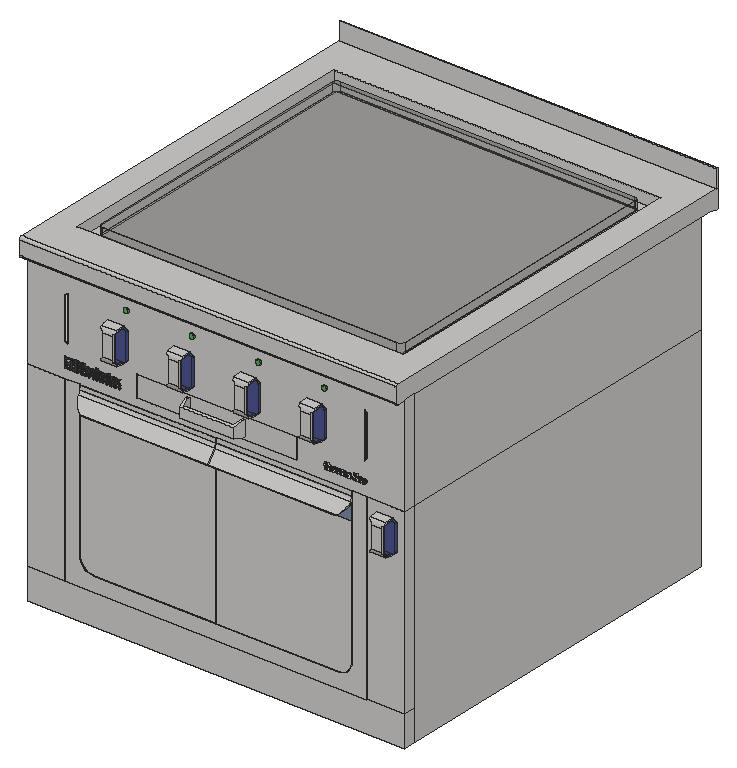
Revit family "QF_ELECTROLUXPROFESSIONAL_588706_MBLTGBH4AO", category Attrezzature speciali, Revit 2020
Family settings
  Quota connettore circolare = Usa diametro
  Tipo di parte = Normale
  Basato su piano di lavoro = No
  Sempre verticale = Sì
  Taglio con vuoti quando caricato = No
  Condiviso = No
  Punto di calcolo locali = No
Parameters (values of type "Standard")
  Weight = 149.00 kg
  Watts = 14300 W
  Volts = 400 V
  URL Manufacturer = "https://www.electroluxprofessional.com/"
  URL = "https://www.electroluxprofessional.com/"
  Steam Supply Size = 0"
  Steam Supply Minimum Pressure = 0.00 psi
  Steam Supply Maximum Pressure = 0.00 psi
  Steam Consumption per Hour = 0
  Refrigeration Suction Line Size = 0 mm
  Refrigeration Liquid Line Size = 0 mm
  Refrigerant Compressor Remote = yes
  Prospetto di default = 0 mm
  Phase = 3
  Modello = "MBLTGBH4AO"
  Produttore = "Electrolux Professional"
  Length Actual = 800 mm  # constant formula
  Item Number = "588706"
  Hot Water Size = 0"
  Height Actual = 700 mm  # constant formula
  HP = "19.2 HP"
  Gas Size = 0"
  Gas KW = 0
  Gas Input Pressure = 0.0 Btu/h
  Direct Waste Size = 0"
  Descrizione = "EL.SOLID TOP,WARM.C.NHC,1S,BS,800X850X7"
  Depth Actual = 850 mm  # constant formula
  Cycle = 50 Hz
  Condensate Return Size = 0"
  Compressed Air Volume = 0 GPM
  Compressed Air Size = 0"
  Compressed Air Pressure = 0.00 psi
  Cold Water Size = 0"
  Accessory = yes
Reference planes
  plane 1 "BACK": y = 50
  plane 2: z = 0
  plane 3 "LEFT": x = 0
  plane 4 "RIGHT": x = 800
  plane 5 "FRONT": y = -800
  plane 6 "TOP": z = 900
  plane 7 "Center (Left/Right)": x = 400
  plane 8: y = -375
  plane 9: z = 200
  plane 10: y = -150
  plane 11 "Panel": y = -755
  plane 12: z = 798
  plane 13: z = 1327
  plane 14: x = 78
  plane 15: x = 722
  plane 16: y = -100
  plane 17: y = -600
  plane 18 "EIx": x = 755
  plane 19 "EIy": y = -585
Forms (mm)
  Extrusion 1, solid, material "QF_Finishes_Stainless Steel"
    sketch origin (-178.969, -4572, 200) x (-1, 0, 0) y (0, -1, 0)
      loop
        line (-178.969, -4577) -> (-178.969, -3817) -> (-978.969, -3817) -> (-978.969, -4577) -> (-178.969, -4577)
    from 450 to 662.969
  Extrusion 2, solid, material "QF_Finishes_Stainless Steel"
    sketch origin (0, 0, 0) x (0, 1, 0) y (0, 0, 1)
      loop
        line (-755, 200) -> (-755, 265) -> (-780, 265) -> (-780, 200) -> (-755, 200)
    from 0 to 800
  Extrusion 3, solid, material "QF_Finishes_Stainless Steel"
    sketch origin (-588.969, -4562, 200) x (-1, 0, 0) y (0, -1, 0)
      loop
        circle (-1343.969, -3977) r 6.35
    from 0 to -11.851
  Extrusion 4, solid, material "QF_Finishes_Stainless Steel"
    sketch origin (400, 296.4, 1219.2) x (0, 1, 0) y (0, 0, 1)
      loop
        line (-246.4, -319.2) -> (-1091.4, -319.2)
        arc (-1091.4, -319.2) -> (-1094.935, -320.664) -> (-1096.4, -324.2) r 5
        line (-1096.4, -324.2) -> (-1096.4, -355.2)
        arc (-1096.4, -355.2) -> (-1094.971, -358.264) -> (-1091.705, -359.139) r 4
        line (-1091.705, -359.139) -> (-1076.4, -356.231) -> (-266.4, -356.231) -> (-251.094, -359.139)
        arc (-251.094, -359.139) -> (-247.829, -358.264) -> (-246.4, -355.2) r 4
        line (-246.4, -355.2) -> (-246.4, -319.2)
    from -400 to 400
  Extrusion 5, solid, material "QF_Finishes_Electrolux_Black Smoke Iluminated"
    sketch origin (0, 0, 900) x (-1, 0, 0) y (0, -1, 0)
      loop
        arc (-88, 59) -> (-80.929, 61.929) -> (-78, 69) r 10
        line (-78, 69) -> (-78, 680)
        arc (-78, 680) -> (-80.929, 687.071) -> (-88, 690) r 10
        line (-88, 690) -> (-712, 690)
        arc (-712, 690) -> (-719.071, 687.071) -> (-722, 680) r 10
        line (-722, 680) -> (-722, 69)
        arc (-722, 69) -> (-719.071, 61.929) -> (-712, 59) r 10
        line (-712, 59) -> (-88, 59)
    from 0 to -20
  Extrusion 6, solid, material "QF_Finishes_Stainless Steel"
    sketch origin (-178.969, -4572, 200) x (-1, 0, 0) y (0, -1, 0)
      loop
        line (-178.969, -4577) -> (-178.969, -3817) -> (-978.969, -3817) -> (-978.969, -4577) -> (-178.969, -4577)
    from 450 to 0
  Extrusion 7, void
    sketch origin (0, 0, 900) x (-1, 0, 0) y (0, -1, 0)
      loop
        line (-53, 715) -> (-747, 715) -> (-747, 34) -> (-53, 34) -> (-53, 715)
    from 0 to -25
  Extrusion 8, solid, material "QF_Finishes_Stainless Steel"
    sketch origin (0, 0, 900) x (-1, 0, 0) y (0, -1, 0)
      loop
        line (-82, 63) -> (-82, 686) -> (-718, 686) -> (-718, 63) -> (-82, 63)
    from -20 to -25
  Extrusion 9, solid, material "QF_Finishes_Stainless Steel"
    sketch origin (400, 297.4, 1219.2) x (0, 1, 0) y (0, 0, 1)
      loop
        line (-249.4, -319.2) -> (-247.4, -319.2) -> (-247.4, -281.2) -> (-249.4, -281.2) -> (-249.4, -319.2)
    from -400 to 400
  Extrusion 10, solid, material "QF_Finishes_Stainless Steel"
    sketch origin (0, 0, 150) x (0, 1, 0) y (0, 0, 1)
      loop
        line (-755, 50) -> (-755, 115) -> (-780, 115) -> (-780, 50) -> (-755, 50)
    from 0 to 800
  Extrusion 11, solid, material "QF_Finishes_Stainless Steel"
    sketch origin (7, -800, 0) x (1, 0, 0) y (0, 0, 1)
      loop
        line (103, 327) -> (103, 650) -> (73, 650) -> (73, 265) -> (713, 265) -> (713, 650) -> (683, 650) -> (683, 327)
        arc (683, 327) -> (673.627, 304.373) -> (651, 295) r 32
        line (651, 295) -> (135, 295)
        arc (135, 295) -> (112.373, 304.373) -> (103, 327) r 32
    from -45 to -20
  Extrusion 12, solid, material "QF_Finishes_Stainless Steel"
    sketch origin (0, -800, 0) x (1, 0, 0) y (0, 0, 1)
      loop
        line (80, 650) -> (0, 650) -> (0, 265) -> (80, 265) -> (80, 650)
      loop
        line (719.787, 650) -> (719.787, 265) -> (800, 265) -> (800, 650) -> (719.787, 650)
    from -20 to -45
Cuts and joins
  Extrusion 7 cuts Extrusion 4
Lines and regions (mm)
  symbolic lines
    curve 1: line (0, 50, 200) -> (800, 50, 200)
    curve 2: line (0, -800, 200) -> (0, 50, 200)
    curve 3: line (800, -800, 200) -> (0, -800, 200)
    curve 4: line (800, 50, 200) -> (800, -800, 200)
    curve 5: line (712, -59, 200) -> (88, -59, 200)
    curve 6: line (78, -69, 200) -> (78, -680, 200)
    curve 7: line (88, -690, 200) -> (712, -690, 200)
    curve 8: line (722, -680, 200) -> (722, -69, 200)
    curve 9: arc (88, -59, 200) -> (80.929, -61.929, 200) -> (78, -69, 200) r 10
    curve 10: arc (722, -69, 200) -> (719.071, -61.929, 200) -> (712, -59, 200) r 10
    curve 11: arc (712, -690, 200) -> (719.071, -687.071, 200) -> (722, -680, 200) r 10
    curve 12: arc (78, -680, 200) -> (80.929, -687.071, 200) -> (88, -690, 200) r 10
    curve 13: line (747, -34, 900) -> (53, -34, 900)
    curve 14: line (53, -34, 900) -> (53, -715, 900)
    curve 15: line (747, -715, 900) -> (747, -34, 900)
    curve 16: line (53, -715, 900) -> (747, -715, 900)
    curve 33: line (0, 48, 0) -> (800, 48, 0)
  model lines, style "SpecialityEquipment"
    curve 17: arc (584, -161, 900) -> (530.967, -289.033, 900) -> (659, -236, 900) r 75
    curve 18: line (639, -236, 900) -> (679, -236, 900)
    curve 19: line (679, -236, 900) -> (659, -216, 900)
    curve 20: line (639, -236, 900) -> (659, -216, 900)
    curve 21: arc (216, -161, 900) -> (162.967, -289.033, 900) -> (291, -236, 900) r 75
    curve 22: line (271, -236, 900) -> (311, -236, 900)
    curve 23: line (311, -236, 900) -> (291, -216, 900)
    curve 24: line (271, -236, 900) -> (291, -216, 900)
    curve 25: arc (584, -489, 900) -> (530.967, -617.033, 900) -> (659, -564, 900) r 75
    curve 26: line (639, -564, 900) -> (679, -564, 900)
    curve 27: line (679, -564, 900) -> (659, -544, 900)
    curve 28: line (639, -564, 900) -> (659, -544, 900)
    curve 29: arc (216, -489, 900) -> (162.967, -617.033, 900) -> (291, -564, 900) r 75
    curve 30: line (271, -564, 900) -> (311, -564, 900)
    curve 31: line (311, -564, 900) -> (291, -544, 900)
    curve 32: line (271, -564, 900) -> (291, -544, 900)
Dimensions and locks
  plane 3 "LEFT" to plane 4 "RIGHT" = 800 mm
  plane 5 "FRONT" to plane 1 "BACK" = 850 mm
  equal spacing: plane 3 "LEFT", plane 7 "Center (Left/Right)", plane 4 "RIGHT"
  equal spacing: plane 5 "FRONT", plane 8, plane 1 "BACK"
  plane 6 "TOP" to level = 900 mm  (x2)
  plane 9 to level = 200 mm
  plane 1 "BACK" to plane 10 to plane 11 "Panel" = 200 mm, 605 mm  (x2)
  plane 6 "TOP" to plane 9 to level = 700 mm, 200 mm
  plane 1 "BACK" to plane 5 "FRONT" = 850 mm
  plane 1 "BACK" to Extrusion 3 = 635 mm
  plane 12 to plane 9 = 598 mm
  plane 13 to plane 6 "TOP" = 427 mm
  plane 6 "TOP" to plane 12 = 102 mm
  plane 14 to plane 3 "LEFT" = 78 mm
  plane 15 to plane 4 "RIGHT" = 78 mm
  locked: plane 1 "BACK" to plane 16 at 150
  locked: plane 16 to plane 17 at 500
  plane 11 "Panel" to plane 5 "FRONT" = 45 mm
  plane 18 "EIx" to plane 4 "RIGHT" = 45 mm
  plane 19 "EIy" to plane 1 "BACK" = 635 mm
  aligned and locked: level to plane 2
  aligned and locked: Extrusion 2 to plane 4 "RIGHT"
  aligned and locked: Extrusion 11 to Extrusion 6
  aligned and locked: Extrusion 12 to Extrusion 6
Automatic sketch dimensions
  Extrusion 3 sketch curve to plane 18 "EIx" = 0 mm
  Extrusion 3 sketch curve to plane 19 "EIy" = 0 mm
  Extrusion 4 sketch curve to plane 5 "FRONT" = 0 mm
  Extrusion 4 sketch curve to plane 6 "TOP" = 0 mm
  Extrusion 4 sketch curve to plane 1 "BACK" = 0 mm
  Extrusion 4 sketch curve to plane 5 "FRONT" = 4 mm
  Extrusion 4 sketch curve to Extrusion 4 sketch curve = 0.695 mm
  Extrusion 4 sketch curve to plane 5 "FRONT" = 5 mm
  Extrusion 4 sketch curve to Extrusion 4 sketch curve = 15.305 mm
  plane 1 "BACK" to Extrusion 4 sketch curve = 20 mm
  plane 1 "BACK" to Extrusion 4 sketch curve = 4.695 mm
  Extrusion 4 sketch curve to Extrusion 4 sketch curve = 4 mm
  Extrusion 4 sketch curve to Extrusion 4 sketch curve = 31 mm
  Extrusion 4 sketch curve to plane 6 "TOP" = 36 mm
  Extrusion 4 sketch curve to Extrusion 4 sketch curve = 2.909 mm
  Extrusion 5 sketch curve to plane 15 = 0 mm
  Extrusion 5 sketch curve to plane 14 = 0 mm
  plane 15 to Extrusion 5 sketch curve = 10 mm  (x2)
  Extrusion 5 sketch curve to Extrusion 5 sketch curve = 10 mm  (x2)
  plane 10 to Extrusion 5 sketch curve = 91 mm
  plane 17 to Extrusion 5 sketch curve = 80 mm
  plane 18 "EIx" to Extrusion 7 sketch curve = 8 mm
  plane 14 to Extrusion 7 sketch curve = 25 mm
  plane 10 to Extrusion 7 sketch curve = 116 mm
  plane 11 "Panel" to Extrusion 7 sketch curve = 40 mm
  Extrusion 8 sketch curve to plane 14 = 4 mm
  plane 15 to Extrusion 8 sketch curve = 4 mm
  plane 17 to Extrusion 8 sketch curve = 86 mm
  plane 10 to Extrusion 8 sketch curve = 87 mm
  curve 20 to curve 17 = 55 mm
  curve 26 to curve 25 = 55 mm
  curve 19 to curve 18 = 20 mm
  curve 26 to curve 27 = 20 mm
  curve 18 to curve 19 = 20 mm
  plane 18 "EIx" to curve 13 = 8 mm
  curve 31 to plane 7 "Center (Left/Right)" = 89 mm
  curve 23 to plane 7 "Center (Left/Right)" = 89 mm
  curve 22 to curve 24 = 20 mm
  curve 30 to curve 31 = 20 mm
  curve 23 to curve 22 = 20 mm
  curve 31 to curve 30 = 20 mm
  curve 22 to curve 21 = 55 mm
  curve 30 to curve 29 = 55 mm
  plane 14 to curve 14 = 25 mm
  plane 10 to curve 13 = 116 mm
  plane 11 "Panel" to curve 16 = 40 mm
  curve 29 to curve 30 = 20 mm
  curve 27 to curve 26 = 40 mm
  curve 25 to curve 26 = 20 mm
  plane 15 to curve 19 = 43 mm
  curve 17 to curve 18 = 20 mm
  curve 21 to curve 22 = 20 mm
  plane 19 "EIy" to curve 27 = 21 mm
  plane 15 to curve 27 = 43 mm
  curve 23 to plane 10 = 66 mm
  curve 19 to plane 10 = 66 mm
  plane 19 "EIy" to curve 32 = 41 mm
  Extrusion 1 sketch curve to plane 4 "RIGHT" = 0 mm
  Extrusion 1 sketch curve to plane 3 "LEFT" = 0 mm
  Extrusion 1 sketch curve to plane 11 "Panel" = 0 mm
  plane 1 "BACK" to Extrusion 1 sketch curve = 45 mm
  Extrusion 2 sketch curve to plane 9 = 0 mm
  Extrusion 2 sketch curve to plane 11 "Panel" = 0 mm
  Extrusion 2 sketch curve to plane 5 "FRONT" = 20 mm
  plane 9 to Extrusion 2 sketch curve = 65 mm
  plane 1 "BACK" to curve 1 = 0 mm
  curve 1 to plane 4 "RIGHT" = 0 mm
  curve 8 to plane 15 = 0 mm
  curve 6 to plane 14 = 0 mm
  curve 2 to plane 3 "LEFT" = 0 mm
  plane 5 "FRONT" to curve 3 = 0 mm
  plane 15 to curve 5 = 10 mm
  curve 11 to curve 11 = 10 mm
  curve 5 to plane 14 = 10 mm
  curve 12 to curve 6 = 10 mm
  plane 10 to curve 5 = 91 mm
  plane 17 to curve 11 = 80 mm
  Extrusion 6 sketch curve to plane 4 "RIGHT" = 0 mm
  Extrusion 6 sketch curve to plane 3 "LEFT" = 0 mm
  Extrusion 6 sketch curve to plane 11 "Panel" = 0 mm
  plane 1 "BACK" to Extrusion 6 sketch curve = 45 mm
  Extrusion 10 sketch curve to plane 11 "Panel" = 0 mm
  Extrusion 10 sketch curve to plane 5 "FRONT" = 20 mm
  plane 9 to Extrusion 10 sketch curve = 0 mm
  Extrusion 10 sketch curve to Extrusion 10 sketch curve = 65 mm
  Extrusion 11 sketch curve to plane 14 = 2 mm
  Extrusion 11 sketch curve to plane 14 = 32 mm
  Extrusion 11 sketch curve to Extrusion 11 sketch curve = 32 mm
  plane 15 to Extrusion 11 sketch curve = 32 mm
  plane 15 to Extrusion 11 sketch curve = 2 mm
  plane 9 to Extrusion 11 sketch curve = 65 mm
  Extrusion 11 sketch curve to Extrusion 11 sketch curve = 62 mm  (x2)
  Extrusion 11 sketch curve to plane 12 = 148 mm  (x2)
  Extrusion 12 sketch curve to plane 3 "LEFT" = 0 mm
  plane 4 "RIGHT" to Extrusion 12 sketch curve = 0 mm
  Extrusion 12 sketch curve to plane 14 = 2 mm
  plane 15 to Extrusion 12 sketch curve = 2.213 mm
  plane 9 to Extrusion 12 sketch curve = 65 mm  (x2)
  Extrusion 12 sketch curve to plane 12 = 148 mm  (x2)
  Extrusion 9 sketch curve to plane 6 "TOP" = 0 mm
  Extrusion 9 sketch curve to plane 1 "BACK" = 0 mm
  plane 1 "BACK" to Extrusion 9 sketch curve = 2 mm
  plane 6 "TOP" to Extrusion 9 sketch curve = 38 mm
  radius of Extrusion 3 sketch curve = 6.35 mm
Nested families
  nested 1: "FIT Range Control Handle" at (760, -783.167, -372.751), type "FIT Range Control Handle"
  nested 2: "Front_Panel_W800_Four Knobs_Spie" at (202.376, -755, 0), type "Front_Panel_W800_Four Knobs_Spie"
  nested 3: "H450H2_2DOOR" at (363.958, -755, 200) x (1, 0, 0) z (0, -1, 0), type "H450H2_2DOOR"
    with Width 580 mm, Wdoor 290 mm, Show Clearance yes
  nested 4: "Warm" at (800, -800, 0), type "Warm"
Connectors
  electrical at (755, -585, 188.149)
    settings: on Extrusion 3, index 1, voltage 400 V, apparent load 33000 VA, apparent load phase1 0 VA, apparent load phase2 0 VA, apparent load phase3 0 VA, power factor 1, load classification "Other", number of poles 1, system type 30, power factor state 1, is connector primary yes, connector utility no, sub classification motor no, connector description "ELECTRICAL CONNECTION"
Definition of nested family "FIT Range Control Handle"
  Parameters
    Default Elevation = 0 mm
  Reference planes
    plane 1 "Center (Front/Back)": y = 0
    plane 2: z = 0
    plane 3 "Center (Left/Right)": x = 0
    plane 4: z = 971.092
    plane 5: y = -16.8
  Forms (mm)
    Extrusion 1, solid
      sketch origin (-746.28, 380.497, 208.931) x (-1, 0, 0) y (0, 0, 1)
        loop
          line (-770.101, 786.798) -> (-770.101, 731.649)
          arc (-770.101, 731.649) -> (-769.759, 730.563) -> (-768.855, 729.87) r 1.893
          line (-768.855, 729.87) -> (-763.474, 727.911) -> (-729.81, 727.911) -> (-724.428, 729.87)
          arc (-724.428, 729.87) -> (-723.525, 730.563) -> (-723.183, 731.649) r 1.893
          line (-723.183, 731.649) -> (-723.183, 786.798)
          arc (-723.183, 786.798) -> (-723.529, 787.894) -> (-724.44, 788.593) r 1.91
          line (-724.44, 788.593) -> (-729.683, 790.819) -> (-763.601, 790.819) -> (-768.844, 788.593)
          arc (-768.844, 788.593) -> (-769.755, 787.894) -> (-770.101, 786.798) r 1.91
      from -382.35 to -378.852
    Sweep 2, solid
      path origin (-746.788, 380.496, 208.091) x (0, -1, 0) y (0, 0, 1)
        loop
          line (379.775, 793.281) -> (395.661, 791.048)
          arc (395.661, 791.048) -> (397.781, 787.377) -> (398.517, 783.202) r 12.207
          line (398.517, 783.202) -> (398.517, 737.368)
          arc (398.517, 737.368) -> (397.781, 733.193) -> (395.661, 729.522) r 12.207
          line (395.661, 729.522) -> (379.775, 727.289)
      profile origin (-746.788, -7.222, 1000.256) x (0, -0.139173, 0.990268) y (-1, 0, 0)
        loop
          line (0.782, -763.123) -> (0.782, -730.907) -> (-1.322, -730.907) -> (-1.322, -763.123) -> (0.782, -763.123)
    Sweep 3, solid
      path origin (-746.788, 380.715, 207.832) x (0, -1, 0) y (0, 0, 1)
        loop
          line (380.478, 795.442) -> (397.218, 793.09)
          arc (397.218, 793.09) -> (399.929, 788.473) -> (400.871, 783.202) r 15.207
          line (400.871, 783.202) -> (400.871, 737.584)
          arc (400.871, 737.584) -> (399.914, 732.274) -> (397.164, 727.633) r 15.207
          line (397.164, 727.633) -> (380.601, 725.305)
      profile origin (-746.788, -8.132, 1002.099) x (0, -0.139173, 0.990268) y (-1, 0, 0)
        loop
          line (0.782, -763.123) -> (0.782, -730.907) -> (-1.322, -730.907) -> (-1.322, -763.123) -> (0.782, -763.123)
    Extrusion 4, void
      sketch origin (889.253, 220.666, 207.993) x (1, 0, 0) y (0, 0, 1)
        loop
          line (-943.038, 816.854) -> (-943.038, 703.686) -> (-899.466, 734.196) -> (-899.466, 786.344) -> (-943.038, 816.854)
      from 230.636 to 242.25
    Extrusion 5, void
      sketch origin (-888.8, 220.666, 207.993) x (-1, 0, 0) y (0, 0, -1)
        loop
          line (-943.038, -816.854) -> (-899.466, -786.344) -> (-899.466, -734.196) -> (-943.038, -703.686) -> (-943.038, -816.854)
      from 230.636 to 242.25
    Extrusion 6, solid
      sketch origin (0, 0, 0) x (1, 0, 0) y (0, 0, 1)
        loop
          circle (0, 971.092) r 7.736
      from -3.137 to -1.645
  Cuts and joins
    Extrusion 4, Extrusion 5 cuts Sweep 3
    Extrusion 4, Extrusion 5 cuts Sweep 2
    joined: Extrusion 1, Extrusion 6
  Lines and regions (mm)
    symbolic lines
      curve 1: line (-15.881, -19.189, 0) -> (-15.881, -16.8, 0)
      curve 2: line (16.334, -19.189, 0) -> (16.334, -16.8, 0)
      curve 3: spline (-15.881, -19.189, 0) -> (-15.417, -19.349, 0) -> (-14.951, -19.501, 0) -> (-14.483, -19.646, 0) -> (-14.014, -19.783, 0) -> (-13.543, -19.912, 0) -> (-13.071, -20.033, 0) -> (-12.597, -20.146, 0) -> (-12.122, -20.251, 0) -> (-11.646, -20.349, 0) -> (-11.169, -20.438, 0) -> (-10.691, -20.52, 0) -> (-10.213, -20.593, 0)
      curve 4: spline (10.666, -20.593, 0) -> (11.144, -20.52, 0) -> (11.622, -20.438, 0) -> (12.099, -20.349, 0) -> (12.575, -20.251, 0) -> (13.05, -20.146, 0) -> (13.524, -20.033, 0) -> (13.996, -19.912, 0) -> (14.467, -19.783, 0) -> (14.936, -19.646, 0) -> (15.404, -19.501, 0) -> (15.87, -19.349, 0) -> (16.334, -19.189, 0)
      curve 5: line (-10.213, -20.938, 0) -> (10.716, -20.938, 0)
  Dimensions and locks
    cut or joined group of Sweep 3, Extrusion 4, Extrusion 5 to cut or joined group of Sweep 3, Extrusion 4, Extrusion 5 = 71.686 mm
Definition of nested family "Front_Panel_W800_Four Knobs_Spie"
  Parameters
    Default Elevation = 0 mm
  Reference planes
    plane 1 "Center (Front/Back)": y = 0
    plane 2: z = 0
    plane 3 "Center (Left/Right)": x = 197.624
    plane 4 "Left": x = -202.376
    plane 5 "Right": x = 597.624
    plane 6: y = -45
    plane 7: x = -12.376
    plane 8: x = 127.624
    plane 9: y = -310
    plane 10 "Panel": y = -25
    plane 11: x = 517.624
    plane 12: x = -122.376
  Forms (mm)
    Extrusion 1, solid
      sketch origin (833.217, 829.203, -1.25) x (0, 1, 0) y (0, 0, 1)
        loop
          line (-854.203, 651.25) -> (-829.203, 651.25) -> (-829.203, 864.25) -> (-854.203, 864.25) -> (-854.203, 651.25)
      from -1035.593 to -235.593
    Extrusion 2, void
      sketch origin (0, -25, -10) x (0, 0, 1) y (-1, 0, 0)
        loop
          line (731.866, 122.376) -> (726.866, 117.376) -> (823.866, 117.376) -> (818.866, 122.376) -> (731.866, 122.376)
        loop
          line (731.866, -517.624) -> (818.866, -517.624) -> (823.866, -512.624) -> (726.866, -512.624) -> (731.866, -517.624)
      from 0 to -2
    Extrusion 3, void
      sketch origin (0, 0, 0) x (1, 0, 0) y (0, 0, 1)
        loop
          line (30.124, 711.866) -> (30.124, 666.866) -> (370.124, 666.866) -> (370.124, 711.866) -> (30.124, 711.866)
      from 19.387 to 25
    Extrusion 4, solid
      sketch origin (0, 0, 0) x (1, 0, 0) y (0, 0, 1)
        loop
          line (31.124, 710.866) -> (31.124, 667.866) -> (369.124, 667.866) -> (369.124, 710.866) -> (31.124, 710.866)
      from 19.387 to 25
    Extrusion 5, solid
      sketch origin (0, 0, 0) x (1, 0, 0) y (0, 1, 0)
        loop
          line (141.059, -25) -> (135.966, -25) -> (140.646, -49.075) -> (254.603, -49.075) -> (259.283, -25) -> (254.189, -25) -> (250.481, -44.075) -> (144.767, -44.075) -> (141.059, -25)
      from 672.593 to 705.67
    Extrusion 6, void
      sketch origin (197.624, 0, 0) x (0, 1, 0) y (0, 0, 1)
        loop
          line (-30, 705.67) -> (-30, 710.67) -> (-56.744, 710.67) -> (-56.744, 667.593) -> (-30, 667.593) -> (-30, 672.593) -> (-53.776, 680.318) -> (-53.776, 697.945) -> (-30, 705.67)
      from -70 to 70
    Extrusion 7, solid, detail levels coarse
      sketch origin (0, -265, 0) x (1, 0, 0) y (0, 1, 0)
        loop
          line (140.646, -69.075) -> (254.603, -69.075) -> (259.283, -45) -> (364.124, -45) -> (364.124, 240) -> (31.124, 240) -> (31.124, -45) -> (135.966, -45) -> (140.646, -69.075)
      from 672.593 to 705.67
    Extrusion 8, void
      sketch origin (197.624, -280, 0) x (0, 1, 0) y (0, 0, 1)
        loop
          line (-30, 705.67) -> (-30, 710.67) -> (-56.744, 710.67) -> (-56.744, 667.593) -> (-30, 667.593) -> (-30, 672.593) -> (-53.776, 680.318) -> (-53.776, 697.945) -> (-30, 705.67)
      from -70 to 70
    Extrusion 9, solid
      sketch origin (20, -25, 1.163) x (0, 0, 1) y (-1, 0, 0)
        loop
          circle (824.337, 12.376) r 5
      from 0 to 1.7
    Extrusion 10, solid
      sketch origin (160, -25, 1.163) x (0, 0, 1) y (-1, 0, 0)
        loop
          circle (824.337, 12.376) r 5
      from 0 to 1.7
    Extrusion 11, solid
      sketch origin (300.724, -25, 1.163) x (0, 0, 1) y (-1, 0, 0)
        loop
          circle (824.337, 12.376) r 5
      from 0 to 1.7
    Extrusion 12, solid
      sketch origin (440.724, -25, 1.163) x (0, 0, 1) y (-1, 0, 0)
        loop
          circle (824.337, 12.376) r 5
      from 0 to 1.7
    Extrusion 13, solid
      sketch origin (0, -25, -10) x (0, 0, 1) y (-1, 0, 0)
        loop
          line (731.866, 122.376) -> (726.866, 117.376) -> (823.866, 117.376) -> (818.866, 122.376) -> (731.866, 122.376)
        loop
          line (726.866, -512.624) -> (731.866, -517.624) -> (818.866, -517.624) -> (823.866, -512.624) -> (726.866, -512.624)
      from 0 to -2
  Cuts and joins
    Extrusion 2, Extrusion 3 cuts Extrusion 1
    Extrusion 6, Extrusion 8 cuts Extrusion 5
    Extrusion 8 cuts Extrusion 7
  Lines and regions (mm)
    symbolic lines
      curve 1: line (31.124, -45, 0) -> (31.124, -310, 0)
      curve 2: line (31.124, -310, 0) -> (364.124, -310, 0)
      curve 3: line (135.966, -310, 0) -> (140.646, -334.075, 0)
      curve 4: line (140.646, -334.075, 0) -> (254.603, -334.075, 0)
      curve 5: line (254.603, -334.075, 0) -> (259.283, -310, 0)
      curve 6: line (364.124, -310, 0) -> (364.124, -45, 0)
      curve 7: line (31.124, -300, 0) -> (364.124, -300, 0)
      curve 8: line (140.874, -309.046, 0) -> (144.767, -329.075, 0)
      curve 9: line (144.767, -329.075, 0) -> (250.481, -329.075, 0)
      curve 10: line (250.481, -329.075, 0) -> (254.375, -309.046, 0)
  Dimensions and locks
    equal spacing: plane 5 "Right", plane 3 "Center (Left/Right)", plane 4 "Left"
    plane 5 "Right" to plane 4 "Left" = 800 mm
    plane 3 "Center (Left/Right)" to plane 7 = 210 mm
    plane 3 "Center (Left/Right)" to plane 8 = 70 mm
    plane 6 to plane 9 = 265 mm
    aligned and locked: cut or joined group of Extrusion 1, Extrusion 2, Extrusion 3 to plane 4 "Left"
    aligned and locked: plane 5 "Right" to cut or joined group of Extrusion 1, Extrusion 2, Extrusion 3
  Automatic sketch dimensions
    plane 6 to curve 1 = 0 mm
    curve 1 to plane 9 = 0 mm
    plane 6 to curve 6 = 0 mm
    plane 7 to curve 1 = 43.5 mm
    plane 8 to curve 3 = 13.021 mm
    curve 3 to curve 8 = 4.122 mm
    curve 10 to plane 9 = 19.075 mm
    plane 3 "Center (Left/Right)" to curve 10 = 52.857 mm
    curve 5 to plane 9 = 24.075 mm
    curve 9 to curve 5 = 4.122 mm
    curve 4 to curve 2 = 109.521 mm
    plane 8 to curve 3 = 8.342 mm
    plane 9 to curve 8 = 0.954 mm
    curve 3 to curve 8 = 4.908 mm
    plane 9 to curve 10 = 0.954 mm
    curve 9 to curve 10 = 3.893 mm
    curve 10 to curve 5 = 4.908 mm
    plane 9 to curve 7 = 10 mm
    Extrusion 1 sketch curve to plane 10 "Panel" = 0 mm
    Extrusion 1 sketch curve to plane 1 "Center (Front/Back)" = 0 mm
    Extrusion 2 sketch curve to plane 12 = 0 mm
    Extrusion 2 sketch curve to plane 11 = 0 mm
    Extrusion 2 sketch curve to plane 11 = 5 mm
    plane 12 to Extrusion 2 sketch curve = 5 mm
    Extrusion 2 sketch curve to Extrusion 2 sketch curve = 5 mm  (x4)
    plane 7 to Extrusion 3 sketch curve = 42.5 mm
    Extrusion 3 sketch curve to plane 11 = 147.5 mm
    Extrusion 3 sketch curve to Extrusion 3 sketch curve = 45 mm
    plane 7 to Extrusion 4 sketch curve = 43.5 mm
    Extrusion 4 sketch curve to plane 11 = 148.5 mm
    Extrusion 4 sketch curve to Extrusion 4 sketch curve = 43 mm
    plane 10 "Panel" to Extrusion 5 sketch curve = 0 mm  (x2)
    plane 8 to Extrusion 5 sketch curve = 8.342 mm
    plane 6 to Extrusion 5 sketch curve = 4.075 mm
    plane 8 to Extrusion 5 sketch curve = 13.021 mm
    Extrusion 5 sketch curve to Extrusion 5 sketch curve = 5.094 mm  (x2)
    Extrusion 5 sketch curve to plane 6 = 0.925 mm
    Extrusion 5 sketch curve to Extrusion 5 sketch curve = 4.122 mm  (x2)
    plane 3 "Center (Left/Right)" to Extrusion 5 sketch curve = 52.857 mm
    Extrusion 5 sketch curve to Extrusion 5 sketch curve = 3.708 mm
    plane 6 to Extrusion 6 sketch curve = 11.744 mm
    plane 6 to Extrusion 6 sketch curve = 8.776 mm
    plane 10 "Panel" to Extrusion 6 sketch curve = 5 mm  (x2)
    Extrusion 6 sketch curve to Extrusion 6 sketch curve = 5 mm
    Extrusion 6 sketch curve to Extrusion 6 sketch curve = 12.725 mm  (x2)
    Extrusion 6 sketch curve to Extrusion 6 sketch curve = 17.627 mm
    Extrusion 6 sketch curve to Extrusion 6 sketch curve = 7.725 mm
    plane 10 "Panel" to Extrusion 7 sketch curve = 0 mm
    Extrusion 7 sketch curve to plane 9 = 0 mm  (x2)
    plane 7 to Extrusion 7 sketch curve = 43.5 mm
    plane 8 to Extrusion 7 sketch curve = 8.342 mm
    plane 8 to Extrusion 7 sketch curve = 13.021 mm
    Extrusion 7 sketch curve to plane 9 = 24.075 mm
    plane 3 "Center (Left/Right)" to Extrusion 7 sketch curve = 56.979 mm
    Extrusion 7 sketch curve to Extrusion 7 sketch curve = 4.68 mm
    Extrusion 7 sketch curve to Extrusion 7 sketch curve = 104.842 mm
    Extrusion 8 sketch curve to plane 9 = 26.744 mm
    Extrusion 8 sketch curve to plane 9 = 23.776 mm
    plane 9 to Extrusion 8 sketch curve = 0 mm  (x2)
    Extrusion 8 sketch curve to Extrusion 8 sketch curve = 5 mm
    Extrusion 8 sketch curve to Extrusion 8 sketch curve = 12.725 mm  (x2)
    Extrusion 8 sketch curve to Extrusion 8 sketch curve = 17.627 mm
    Extrusion 8 sketch curve to Extrusion 8 sketch curve = 7.725 mm
    plane 7 to Extrusion 9 sketch curve = 20 mm
    plane 8 to Extrusion 10 sketch curve = 20 mm
    plane 3 "Center (Left/Right)" to Extrusion 11 sketch curve = 90.724 mm
    Extrusion 12 sketch curve to plane 11 = 89.276 mm
    Extrusion 13 sketch curve to plane 12 = 0 mm
    Extrusion 13 sketch curve to plane 11 = 0 mm
    plane 12 to Extrusion 13 sketch curve = 5 mm
    Extrusion 13 sketch curve to Extrusion 13 sketch curve = 5 mm  (x4)
    Extrusion 13 sketch curve to plane 11 = 5 mm
    level to Extrusion 1 sketch curve = 650 mm
    Extrusion 1 sketch curve to Extrusion 1 sketch curve = 213 mm
    level to Extrusion 2 sketch curve = 716.866 mm
    Extrusion 2 sketch curve to Extrusion 2 sketch curve = 0 mm
    Extrusion 2 sketch curve to Extrusion 2 sketch curve = 87 mm  (x2)
    level to Extrusion 3 sketch curve = 666.866 mm
    level to Extrusion 4 sketch curve = 667.866 mm
    level to Extrusion 6 sketch curve = 667.593 mm
    level to Extrusion 8 sketch curve = 667.593 mm
    level to Extrusion 9 sketch curve = 825.5 mm
    level to Extrusion 10 sketch curve = 825.5 mm
    level to Extrusion 11 sketch curve = 825.5 mm
    level to Extrusion 12 sketch curve = 825.5 mm
    level to Extrusion 13 sketch curve = 716.866 mm
    Extrusion 13 sketch curve to Extrusion 13 sketch curve = 0 mm
    Extrusion 13 sketch curve to Extrusion 13 sketch curve = 87 mm  (x2)
    radius of Extrusion 9 sketch curve = 5 mm
    radius of Extrusion 10 sketch curve = 5 mm
    radius of Extrusion 11 sketch curve = 5 mm
    radius of Extrusion 12 sketch curve = 5 mm
  Nested families
    nested 1: "Range Control Handle" at (-12.376, -28.137, -209.113) x (-1, 0, 0) z (0, 0, 1), type "Range Control Handle"
    nested 2: "Range Control Handle" at (127.624, -28.137, -209.113) x (-1, 0, 0) z (0, 0, 1), type "Range Control Handle"
    nested 3: "Range Control Handle" at (407.624, -28.137, -209.113), type "Range Control Handle"
    nested 4: "Range Control Handle" at (267.624, -28.137, -209.113), type "Range Control Handle"
    nested 5: "ELX_ThermaLine_Small" at (468.838, -25, 679.426) x (1, 0, 0) z (0, -1, 0), type "ELX_ThermaLine_Small"
      with Show Logo yes, Material_Logo none
    nested 6: "ELX_Professional_Logo_Small" at (-62.89, -25, 681.659) x (1, 0, 0) z (0, -1, 0), type "ELX_Professional_Logo_Small"
      with Show Logo yes, Material_Logo none
  Definition of nested family "Range Control Handle"
    Parameters
      Default Elevation = 0 mm
    Reference planes
      plane 1 "Center (Front/Back)": y = 0
      plane 2: z = 0
      plane 3 "Center (Left/Right)": x = 0
      plane 4: z = 971.092
      plane 5: y = -16.9
    Forms (mm)
      Extrusion 1, solid
        sketch origin (-746.28, 380.497, 208.931) x (-1, 0, 0) y (0, 0, 1)
          loop
            line (-770.101, 786.798) -> (-770.101, 731.649)
            arc (-770.101, 731.649) -> (-769.759, 730.563) -> (-768.855, 729.87) r 1.893
            line (-768.855, 729.87) -> (-763.474, 727.911) -> (-729.81, 727.911) -> (-724.428, 729.87)
            arc (-724.428, 729.87) -> (-723.525, 730.563) -> (-723.183, 731.649) r 1.893
            line (-723.183, 731.649) -> (-723.183, 786.798)
            arc (-723.183, 786.798) -> (-723.529, 787.894) -> (-724.44, 788.593) r 1.91
            line (-724.44, 788.593) -> (-729.683, 790.819) -> (-763.601, 790.819) -> (-768.844, 788.593)
            arc (-768.844, 788.593) -> (-769.755, 787.894) -> (-770.101, 786.798) r 1.91
        from -382.35 to -378.852
      Sweep 2, solid
        path origin (-746.788, 380.496, 208.091) x (0, -1, 0) y (0, 0, 1)
          loop
            line (379.775, 793.281) -> (395.661, 791.048)
            arc (395.661, 791.048) -> (397.781, 787.377) -> (398.517, 783.202) r 12.207
            line (398.517, 783.202) -> (398.517, 737.368)
            arc (398.517, 737.368) -> (397.781, 733.193) -> (395.661, 729.522) r 12.207
            line (395.661, 729.522) -> (379.775, 727.289)
        profile origin (-746.788, -7.222, 1000.256) x (0, -0.139173, 0.990268) y (-1, 0, 0)
          loop
            line (0.782, -763.123) -> (0.782, -730.907) -> (-1.322, -730.907) -> (-1.322, -763.123) -> (0.782, -763.123)
      Sweep 3, solid
        path origin (-746.788, 380.715, 207.832) x (0, -1, 0) y (0, 0, 1)
          loop
            line (380.478, 795.442) -> (397.218, 793.09)
            arc (397.218, 793.09) -> (399.929, 788.473) -> (400.871, 783.202) r 15.207
            line (400.871, 783.202) -> (400.871, 737.584)
            arc (400.871, 737.584) -> (399.914, 732.274) -> (397.164, 727.633) r 15.207
            line (397.164, 727.633) -> (380.601, 725.305)
        profile origin (-746.788, -8.132, 1002.099) x (0, -0.139173, 0.990268) y (-1, 0, 0)
          loop
            line (0.782, -763.123) -> (0.782, -730.907) -> (-1.322, -730.907) -> (-1.322, -763.123) -> (0.782, -763.123)
      Extrusion 4, void
        sketch origin (889.253, 220.666, 207.993) x (1, 0, 0) y (0, 0, 1)
          loop
            line (-943.038, 816.854) -> (-943.038, 703.686) -> (-899.466, 734.196) -> (-899.466, 786.344) -> (-943.038, 816.854)
        from 230.636 to 242.25
      Extrusion 5, void
        sketch origin (-888.8, 220.666, 207.993) x (-1, 0, 0) y (0, 0, -1)
          loop
            line (-943.038, -816.854) -> (-899.466, -786.344) -> (-899.466, -734.196) -> (-943.038, -703.686) -> (-943.038, -816.854)
        from 230.636 to 242.25
      Extrusion 6, solid
        sketch origin (0, 0, 0) x (1, 0, 0) y (0, 0, 1)
          loop
            circle (0, 971.092) r 7.736
        from -3.137 to -1.645
    Cuts and joins
      Extrusion 4, Extrusion 5 cuts Sweep 3
      Extrusion 4, Extrusion 5 cuts Sweep 2
      joined: Extrusion 1, Extrusion 6
    Lines and regions (mm)
      symbolic lines
        curve 1: line (16.334, -16.9, 0) -> (16.334, -19.227, 0)
        curve 2: spline (16.334, -19.227, 0) -> (15.87, -19.385, 0) -> (15.404, -19.536, 0) -> (14.936, -19.678, 0) -> (14.466, -19.813, 0) -> (13.995, -19.94, 0) -> (13.523, -20.059, 0) -> (13.049, -20.171, 0) -> (12.575, -20.274, 0) -> (12.099, -20.37, 0) -> (11.622, -20.458, 0) -> (11.144, -20.537, 0) -> (10.666, -20.609, 0)
        curve 3: line (10.666, -16.9, 0) -> (10.666, -20.938, 0)
        curve 4: line (-10.213, -20.938, 0) -> (10.666, -20.938, 0)
        curve 5: line (-10.213, -20.938, 0) -> (-10.213, -16.9, 0)
        curve 6: spline (-10.213, -20.609, 0) -> (-10.691, -20.537, 0) -> (-11.169, -20.458, 0) -> (-11.646, -20.37, 0) -> (-12.122, -20.274, 0) -> (-12.597, -20.171, 0) -> (-13.07, -20.059, 0) -> (-13.542, -19.94, 0) -> (-14.013, -19.813, 0) -> (-14.483, -19.678, 0) -> (-14.951, -19.536, 0) -> (-15.417, -19.385, 0) -> (-15.881, -19.227, 0)
        curve 7: line (-15.881, -19.227, 0) -> (-15.881, -16.9, 0)
  Definition of nested family "ELX_ThermaLine_Small"
    Parameters
      Show Logo [instance] = yes
      Material_Logo [instance] = none
      Default Elevation = 0 mm
    Reference planes
      plane 1 "Centro (Fronte/Retro)": y = 0
      plane 2: z = 0
      plane 3 "Centro (Sinistra/Destra)": x = 0
    Forms (mm)
      Extrusion 1, solid
        sketch origin (0, 0, 0) x (1, 0, 0) y (0, 1, 0)
          loop
            line (-1219.2, 1219.2) -> (-1219.2, -1219.2) -> (1219.2, -1219.2) -> (1219.2, 1219.2) -> (-1219.2, 1219.2)
        from 0 to -304.8
      Extrusion 2, solid
        sketch origin (0, 0, 0) x (1, 0, 0) y (0, 1, 0)
          loop
            line (-37.494, 1.229) -> (-35.908, 1.229) -> (-35.908, 3.066) -> (-37.494, 3.066) -> (-37.494, 6.221) -> (-39.867, 4.881) -> (-39.867, 3.066) -> (-40.969, 3.066) -> (-40.969, 1.229) -> (-39.867, 1.229) -> (-39.867, -3.407)
            arc (-39.867, -3.407) -> (-38.982, -5.513) -> (-36.751, -6.001) r 2.478
            line (-36.751, -6.001) -> (-35.638, -5.7) -> (-35.9, -3.835) -> (-36.661, -4.039)
            arc (-36.661, -4.039) -> (-37.236, -3.924) -> (-37.494, -3.399) r 0.662
            line (-37.494, -3.399) -> (-37.494, 1.229)
          loop
            line (-34.242, 6.539) -> (-34.242, -5.848) -> (-31.854, -5.848) -> (-31.854, -0.078)
            arc (-31.854, -0.078) -> (-30.939, 1.249) -> (-29.33, 1.367) r 1.866
            arc (-29.33, 1.367) -> (-28.695, 0.768) -> (-28.461, -0.073) r 1.627
            line (-28.461, -0.073) -> (-28.461, -5.848) -> (-26.086, -5.848) -> (-26.064, -0.46)
            arc (-26.064, -0.46) -> (-26.261, 0.932) -> (-26.786, 2.237) r 5.825
            arc (-26.786, 2.237) -> (-29.381, 3.264) -> (-31.854, 1.971) r 3.353
            line (-31.854, 1.971) -> (-31.854, 6.539) -> (-34.242, 6.539)
          loop
            arc (-18.398, -0.598) -> (-18.893, 0.879) -> (-20.326, 1.487) r 1.897
            arc (-20.326, 1.487) -> (-21.461, 0.708) -> (-21.897, -0.598) r 2.164
            line (-21.897, -0.598) -> (-18.398, -0.598)
          loop
            arc (-16.021, -2.044) -> (-16.754, 1.227) -> (-19.444, 3.226) r 4.814
            arc (-19.444, 3.226) -> (-22.137, 2.788) -> (-23.943, 0.743) r 4.054
            arc (-23.943, 0.743) -> (-24.382, -1.249) -> (-24.162, -3.276) r 6.289
            arc (-24.162, -3.276) -> (-23.302, -4.71) -> (-21.958, -5.705) r 4.28
            arc (-21.958, -5.705) -> (-18.558, -5.814) -> (-16.152, -3.409) r 4.28
            line (-16.152, -3.409) -> (-18.5, -2.995)
            arc (-18.5, -2.995) -> (-19.273, -3.994) -> (-20.533, -4.076) r 1.536
            arc (-20.533, -4.076) -> (-21.56, -3.281) -> (-21.958, -2.044) r 2.197
            line (-21.958, -2.044) -> (-16.021, -2.044)
          loop
            line (-14.165, -5.848) -> (-11.819, -5.848) -> (-11.819, -2.138)
            arc (-11.819, -2.138) -> (-11.787, -1.156) -> (-11.637, -0.185) r 8.18
            arc (-11.637, -0.185) -> (-10.644, 0.972) -> (-9.132, 0.776) r 1.603
            line (-9.132, 0.776) -> (-8.419, 2.846)
            arc (-8.419, 2.846) -> (-10.432, 3.118) -> (-11.994, 1.821) r 2.527
            line (-11.994, 1.821) -> (-11.994, 3.094) -> (-14.165, 3.094) -> (-14.165, -5.848)
          loop
            line (-7.579, 3.094) -> (-7.579, -5.848) -> (-5.178, -5.848) -> (-5.178, -0.756)
            arc (-5.178, -0.756) -> (-4.727, 0.679) -> (-3.417, 1.419) r 2.05
            arc (-3.417, 1.419) -> (-2.499, 0.908) -> (-2.155, -0.085) r 1.471
            line (-2.155, -0.085) -> (-2.155, -5.848) -> (0.23, -5.848) -> (0.23, -1.001)
            arc (0.23, -1.001) -> (0.47, 0.127) -> (1.148, 1.061) r 2.775
            arc (1.148, 1.061) -> (2.225, 1.329) -> (3.05, 0.587) r 1.182
            arc (3.05, 0.587) -> (3.199, -0.019) -> (3.214, -0.642) r 2.894
            line (3.214, -0.642) -> (3.214, -5.848) -> (5.601, -5.848) -> (5.601, 0.261)
            arc (5.601, 0.261) -> (4.87, 2.263) -> (2.976, 3.241) r 2.932
            arc (2.976, 3.241) -> (1.284, 2.973) -> (-0.047, 1.896) r 3.309
            arc (-0.047, 1.896) -> (-1.116, 2.865) -> (-2.506, 3.258) r 3.16
            arc (-2.506, 3.258) -> (-4.105, 2.942) -> (-5.376, 1.92) r 3.419
            line (-5.376, 1.92) -> (-5.376, 3.094) -> (-7.579, 3.094)
          loop
            line (7.583, 0.738) -> (9.702, 0.364)
            arc (9.702, 0.364) -> (11.441, 1.492) -> (12.855, -0.023) r 1.613
            line (12.855, -0.023) -> (9.782, -0.789)
            arc (9.782, -0.789) -> (8.559, -1.346) -> (7.617, -2.305) r 3.687
            arc (7.617, -2.305) -> (7.499, -3.681) -> (7.901, -5.003) r 3.651
            arc (7.901, -5.003) -> (9.107, -5.766) -> (10.515, -6.006) r 3.635
            arc (10.515, -6.006) -> (11.898, -5.697) -> (13.067, -4.895) r 3.734
            line (13.067, -4.895) -> (13.376, -5.848) -> (15.75, -5.848) -> (15.212, -4.193) -> (15.212, 0.38)
            arc (15.212, 0.38) -> (14.897, 1.849) -> (13.818, 2.895) r 2.585
            arc (13.818, 2.895) -> (11.792, 3.442) -> (9.719, 3.11) r 5.005
            arc (9.719, 3.11) -> (8.369, 2.178) -> (7.583, 0.738) r 3.54
          loop
            line (19.723, -5.848) -> (22.233, -5.848) -> (24.854, 6.484) -> (22.345, 6.484) -> (19.723, -5.848)
          loop
            line (24.583, -5.848) -> (26.953, -5.848) -> (28.848, 3.066) -> (26.478, 3.066) -> (24.583, -5.848)
          loop
            line (27.204, 6.484) -> (26.741, 4.305) -> (29.111, 4.305) -> (29.575, 6.484) -> (27.204, 6.484)
          loop
            line (29.355, -5.848) -> (31.849, -5.848) -> (33.098, 0.028)
            arc (33.098, 0.028) -> (34.169, 1.306) -> (35.832, 1.422) r 2.132
            arc (35.832, 1.422) -> (36.324, 0.752) -> (36.383, -0.078) r 1.5
            line (36.383, -0.078) -> (35.157, -5.848) -> (37.536, -5.848) -> (38.936, 0.738)
            arc (38.936, 0.738) -> (38.775, 2.091) -> (37.825, 3.066) r 2.118
            arc (37.825, 3.066) -> (35.392, 3.175) -> (33.295, 1.937) r 4.271
            line (33.295, 1.937) -> (33.535, 3.066) -> (31.25, 3.066) -> (29.355, -5.848)
          loop
            line (42.792, -0.64) -> (46.589, -0.64)
            arc (46.589, -0.64) -> (46.639, 0.124) -> (46.327, 0.823) r 1.589
            arc (46.327, 0.823) -> (45.117, 1.521) -> (43.762, 1.183) r 1.865
            arc (43.762, 1.183) -> (43.141, 0.344) -> (42.792, -0.64) r 3.538
          loop
            line (42.565, -2.138) -> (48.593, -2.138)
            arc (48.593, -2.138) -> (48.58, 0.597) -> (46.983, 2.818) r 4.494
            arc (46.983, 2.818) -> (44.191, 3.28) -> (41.725, 1.891) r 4.26
            arc (41.725, 1.891) -> (40.503, -0.3) -> (40.284, -2.799) r 6.003
            arc (40.284, -2.799) -> (40.959, -4.468) -> (42.377, -5.576) r 3.482
            arc (42.377, -5.576) -> (44.265, -5.961) -> (46.152, -5.576) r 4.823
            arc (46.152, -5.576) -> (47.432, -4.731) -> (48.328, -3.485) r 4.245
            line (48.328, -3.485) -> (46.168, -3.105)
            arc (46.168, -3.105) -> (45.214, -4.072) -> (43.859, -4.181) r 1.953
            arc (43.859, -4.181) -> (42.821, -3.408) -> (42.565, -2.138) r 1.81
          loop
            line (12.868, -1.553) -> (10.216, -2.214)
            arc (10.216, -2.214) -> (9.747, -3.136) -> (10.216, -4.058) r 1.14
            arc (10.216, -4.058) -> (11.537, -4.249) -> (12.614, -3.46) r 1.763
            arc (12.614, -3.46) -> (12.858, -2.522) -> (12.868, -1.553) r 3.97
        from 0 to 1.6
    Dimensions and locks
      aligned and locked: plane 2 to Extrusion 1
      aligned and locked: level to Extrusion 1
  Definition of nested family "ELX_Professional_Logo_Small"
    Parameters
      Show Logo [instance] = yes
      Material_Logo [instance] = none
      Default Elevation = 0 mm
    Reference planes
      plane 1 "Centro (Fronte/Retro)": y = 0
      plane 2: z = 0
      plane 3 "Centro (Sinistra/Destra)": x = 0
    Forms (mm)
      Extrusion 1, solid
        sketch origin (0, 0, 0) x (1, 0, 0) y (0, 1, 0)
          loop
            line (-1219.2, 1219.2) -> (-1219.2, -1219.2) -> (1219.2, -1219.2) -> (1219.2, 1219.2) -> (-1219.2, 1219.2)
        from 0 to -304.8
      Extrusion 2, solid, material <- "Material_Logo"
        sketch origin (15.5, 0, 0) x (1, 0, 0) y (0, 1, 0)
          loop
            spline (-42.99, -1.24) -> (-43.195, -1.231) -> (-43.415, -1.203) -> (-43.642, -1.152) -> (-43.87, -1.074) -> (-44.095, -0.966) -> (-44.309, -0.825) -> (-44.506, -0.647) -> (-44.681, -0.429) -> (-44.828, -0.167) -> (-44.94, 0.142) -> (-45.011, 0.501) -> (-45.037, 0.915)
            line (-45.037, 0.915) -> (-45.037, 2.748) -> (-38.984, 2.748) -> (-38.984, 5.086) -> (-45.038, 5.086) -> (-45.038, 8.489) -> (-38.599, 8.489) -> (-38.599, 10.82) -> (-47.515, 10.82) -> (-47.515, 1.021)
            spline (-47.515, 1.021) -> (-47.493, 0.418) -> (-47.425, -0.15) -> (-47.311, -0.682) -> (-47.15, -1.175) -> (-46.939, -1.628) -> (-46.678, -2.038) -> (-46.365, -2.404) -> (-46, -2.723) -> (-45.58, -2.995) -> (-45.105, -3.216) -> (-44.573, -3.385) -> (-43.983, -3.499)
            line (-43.983, -3.499) -> (-43.01, -3.569) -> (-38.426, -3.569) -> (-38.426, -1.24) -> (-42.99, -1.24)
          loop
            line (-36.666, 4.021) -> (-36.666, -3.573) -> (-34.188, -3.573) -> (-34.188, 10.824) -> (-36.666, 10.824) -> (-36.666, 4.021)
          loop
            spline (-21.915, 1.897) -> (-21.957, 2.615) -> (-22.082, 3.303) -> (-22.285, 3.955) -> (-22.563, 4.564) -> (-22.913, 5.124) -> (-23.331, 5.629) -> (-23.814, 6.074) -> (-24.359, 6.451) -> (-24.961, 6.755) -> (-25.618, 6.98) -> (-26.326, 7.119) -> (-27.081, 7.167)
            spline (-27.081, 7.167) -> (-27.853, 7.122) -> (-28.586, 6.99) -> (-29.275, 6.774) -> (-29.915, 6.478) -> (-30.5, 6.104) -> (-31.024, 5.657) -> (-31.483, 5.138) -> (-31.871, 4.553) -> (-32.182, 3.904) -> (-32.411, 3.194) -> (-32.552, 2.427) -> (-32.6, 1.606)
            spline (-32.6, 1.606) -> (-32.553, 0.805) -> (-32.416, 0.057) -> (-32.193, -0.637) -> (-31.887, -1.271) -> (-31.504, -1.843) -> (-31.048, -2.35) -> (-30.523, -2.788) -> (-29.934, -3.154) -> (-29.284, -3.444) -> (-28.579, -3.656) -> (-27.822, -3.785) -> (-27.019, -3.829)
            spline (-27.019, -3.829) -> (-26.627, -3.82) -> (-26.239, -3.79) -> (-25.856, -3.739) -> (-25.477, -3.663) -> (-25.103, -3.562) -> (-24.734, -3.432) -> (-24.369, -3.273) -> (-24.01, -3.082) -> (-23.655, -2.858) -> (-23.305, -2.597) -> (-22.96, -2.299) -> (-22.621, -1.962)
            line (-22.621, -1.962) -> (-24.114, -0.509)
            spline (-24.114, -0.509) -> (-24.311, -0.699) -> (-24.509, -0.872) -> (-24.71, -1.03) -> (-24.915, -1.172) -> (-25.126, -1.297) -> (-25.346, -1.407) -> (-25.576, -1.5) -> (-25.817, -1.576) -> (-26.072, -1.636) -> (-26.342, -1.678) -> (-26.629, -1.704) -> (-26.936, -1.713)
            spline (-26.936, -1.713) -> (-27.384, -1.691) -> (-27.805, -1.625) -> (-28.196, -1.518) -> (-28.556, -1.372) -> (-28.882, -1.187) -> (-29.174, -0.966) -> (-29.429, -0.71) -> (-29.645, -0.422) -> (-29.821, -0.102) -> (-29.955, 0.247) -> (-30.045, 0.623) -> (-30.089, 1.026)
            line (-30.089, 1.026) -> (-21.956, 1.026) -> (-21.915, 1.897)
          loop
            spline (-24.446, 2.769) -> (-24.47, 3.075) -> (-24.54, 3.37) -> (-24.654, 3.65) -> (-24.807, 3.913) -> (-24.996, 4.156) -> (-25.219, 4.376) -> (-25.472, 4.57) -> (-25.753, 4.736) -> (-26.057, 4.869) -> (-26.382, 4.968) -> (-26.724, 5.03) -> (-27.081, 5.051)
            spline (-27.081, 5.051) -> (-27.464, 5.03) -> (-27.832, 4.97) -> (-28.183, 4.872) -> (-28.513, 4.74) -> (-28.819, 4.577) -> (-29.099, 4.384) -> (-29.347, 4.165) -> (-29.563, 3.923) -> (-29.742, 3.659) -> (-29.881, 3.377) -> (-29.977, 3.079) -> (-30.027, 2.769)
            line (-30.027, 2.769) -> (-24.446, 2.769)
          loop
            spline (-18.167, 1.669) -> (-18.138, 2.13) -> (-18.055, 2.567) -> (-17.921, 2.978) -> (-17.739, 3.358) -> (-17.512, 3.705) -> (-17.243, 4.016) -> (-16.937, 4.287) -> (-16.596, 4.517) -> (-16.223, 4.7) -> (-15.823, 4.835) -> (-15.398, 4.919) -> (-14.951, 4.947)
            spline (-14.951, 4.947) -> (-14.677, 4.938) -> (-14.414, 4.913) -> (-14.162, 4.871) -> (-13.921, 4.812) -> (-13.69, 4.738) -> (-13.467, 4.649) -> (-13.254, 4.544) -> (-13.048, 4.424) -> (-12.85, 4.291) -> (-12.659, 4.143) -> (-12.474, 3.981) -> (-12.295, 3.806)
            line (-12.295, 3.806) -> (-10.76, 5.403)
            spline (-10.76, 5.403) -> (-11.065, 5.709) -> (-11.38, 5.984) -> (-11.703, 6.228) -> (-12.035, 6.443) -> (-12.375, 6.63) -> (-12.723, 6.788) -> (-13.078, 6.92) -> (-13.44, 7.026) -> (-13.809, 7.107) -> (-14.184, 7.164) -> (-14.564, 7.198) -> (-14.951, 7.209)
            spline (-14.951, 7.209) -> (-15.725, 7.161) -> (-16.467, 7.02) -> (-17.169, 6.792) -> (-17.826, 6.482) -> (-18.43, 6.096) -> (-18.976, 5.637) -> (-19.455, 5.112) -> (-19.862, 4.525) -> (-20.19, 3.882) -> (-20.433, 3.189) -> (-20.584, 2.449) -> (-20.635, 1.669)
            spline (-20.635, 1.669) -> (-20.584, 0.889) -> (-20.433, 0.149) -> (-20.19, -0.545) -> (-19.862, -1.187) -> (-19.455, -1.774) -> (-18.976, -2.299) -> (-18.43, -2.758) -> (-17.826, -3.145) -> (-17.169, -3.454) -> (-16.467, -3.682) -> (-15.725, -3.823) -> (-14.951, -3.871)
            spline (-14.951, -3.871) -> (-14.564, -3.86) -> (-14.184, -3.826) -> (-13.809, -3.77) -> (-13.44, -3.689) -> (-13.078, -3.583) -> (-12.723, -3.451) -> (-12.375, -3.292) -> (-12.035, -3.105) -> (-11.703, -2.89) -> (-11.38, -2.646) -> (-11.065, -2.371) -> (-10.76, -2.066)
            line (-10.76, -2.066) -> (-12.295, -0.468)
            spline (-12.295, -0.468) -> (-12.474, -0.643) -> (-12.659, -0.805) -> (-12.85, -0.953) -> (-13.048, -1.087) -> (-13.254, -1.206) -> (-13.467, -1.311) -> (-13.69, -1.4) -> (-13.921, -1.475) -> (-14.162, -1.533) -> (-14.414, -1.575) -> (-14.677, -1.6) -> (-14.951, -1.609)
            spline (-14.951, -1.609) -> (-15.398, -1.581) -> (-15.823, -1.497) -> (-16.223, -1.362) -> (-16.596, -1.179) -> (-16.937, -0.95) -> (-17.243, -0.678) -> (-17.512, -0.367) -> (-17.739, -0.02) -> (-17.921, 0.36) -> (-18.055, 0.771) -> (-18.138, 1.208) -> (-18.167, 1.669)
          loop
            spline (-4.441, -1.243) -> (-4.659, -1.247) -> (-4.894, -1.23) -> (-5.137, -1.19) -> (-5.384, -1.121) -> (-5.628, -1.021) -> (-5.864, -0.884) -> (-6.084, -0.708) -> (-6.283, -0.488) -> (-6.454, -0.219) -> (-6.592, 0.101) -> (-6.69, 0.478) -> (-6.742, 0.914)
            line (-6.742, 0.914) -> (-6.742, 4.587) -> (-4.487, 4.587) -> (-4.487, 6.838) -> (-6.738, 6.838) -> (-6.738, 10.824) -> (-9.217, 10.824) -> (-9.217, 0.773)
            spline (-9.217, 0.773) -> (-9.164, 0.19) -> (-9.068, -0.358) -> (-8.928, -0.87) -> (-8.742, -1.343) -> (-8.511, -1.777) -> (-8.232, -2.168) -> (-7.904, -2.515) -> (-7.527, -2.816) -> (-7.098, -3.069) -> (-6.618, -3.273) -> (-6.084, -3.426) -> (-5.496, -3.525)
            line (-5.496, -3.525) -> (-4.45, -3.573) -> (-4.441, -1.243)
          loop
            spline (3.898, 6.983) -> (3.469, 7.009) -> (3.056, 7.001) -> (2.661, 6.961) -> (2.283, 6.888) -> (1.925, 6.785) -> (1.588, 6.652) -> (1.272, 6.49) -> (0.979, 6.301) -> (0.71, 6.085) -> (0.465, 5.844) -> (0.247, 5.578) -> (0.056, 5.289)
            line (0.056, 5.289) -> (0.056, 6.838) -> (-2.402, 6.838) -> (-2.402, -3.572) -> (0.056, -3.572) -> (0.056, 1.901)
            spline (0.056, 1.901) -> (0.079, 2.316) -> (0.145, 2.703) -> (0.254, 3.06) -> (0.404, 3.386) -> (0.592, 3.679) -> (0.818, 3.938) -> (1.08, 4.162) -> (1.375, 4.348) -> (1.703, 4.495) -> (2.062, 4.602) -> (2.45, 4.668) -> (2.865, 4.69)
            line (2.865, 4.69) -> (3.898, 4.586) -> (3.898, 6.983)
          loop
            spline (15.638, 1.633) -> (15.586, 2.396) -> (15.435, 3.124) -> (15.192, 3.81) -> (14.863, 4.449) -> (14.455, 5.034) -> (13.975, 5.56) -> (13.43, 6.021) -> (12.826, 6.411) -> (12.17, 6.724) -> (11.469, 6.955) -> (10.729, 7.098) -> (9.958, 7.147)
            spline (9.958, 7.147) -> (9.182, 7.098) -> (8.44, 6.955) -> (7.737, 6.724) -> (7.081, 6.411) -> (6.477, 6.021) -> (5.933, 5.56) -> (5.454, 5.034) -> (5.048, 4.449) -> (4.721, 3.81) -> (4.479, 3.124) -> (4.329, 2.396) -> (4.277, 1.633)
            spline (4.277, 1.633) -> (4.329, 0.869) -> (4.479, 0.141) -> (4.721, -0.544) -> (5.048, -1.183) -> (5.454, -1.768) -> (5.933, -2.294) -> (6.477, -2.755) -> (7.081, -3.145) -> (7.737, -3.459) -> (8.44, -3.69) -> (9.182, -3.833) -> (9.958, -3.882)
            spline (9.958, -3.882) -> (10.729, -3.833) -> (11.469, -3.69) -> (12.17, -3.459) -> (12.826, -3.145) -> (13.43, -2.755) -> (13.975, -2.294) -> (14.455, -1.768) -> (14.863, -1.183) -> (15.192, -0.544) -> (15.435, 0.141) -> (15.586, 0.869) -> (15.638, 1.633)
          loop
            spline (13.18, 1.633) -> (13.151, 2.083) -> (13.067, 2.513) -> (12.932, 2.918) -> (12.748, 3.296) -> (12.52, 3.642) -> (12.251, 3.954) -> (11.943, 4.227) -> (11.601, 4.459) -> (11.228, 4.645) -> (10.828, 4.782) -> (10.403, 4.867) -> (9.958, 4.896)
            spline (9.958, 4.896) -> (9.509, 4.867) -> (9.081, 4.782) -> (8.679, 4.645) -> (8.306, 4.459) -> (7.964, 4.227) -> (7.658, 3.954) -> (7.39, 3.642) -> (7.163, 3.296) -> (6.981, 2.918) -> (6.847, 2.513) -> (6.765, 2.083) -> (6.736, 1.633)
            spline (6.736, 1.633) -> (6.765, 1.182) -> (6.847, 0.753) -> (6.981, 0.347) -> (7.163, -0.031) -> (7.39, -0.377) -> (7.658, -0.689) -> (7.964, -0.962) -> (8.306, -1.193) -> (8.679, -1.38) -> (9.081, -1.517) -> (9.509, -1.602) -> (9.958, -1.631)
            spline (9.958, -1.631) -> (10.403, -1.602) -> (10.828, -1.517) -> (11.228, -1.38) -> (11.601, -1.193) -> (11.943, -0.962) -> (12.251, -0.689) -> (12.52, -0.377) -> (12.748, -0.031) -> (12.932, 0.347) -> (13.067, 0.753) -> (13.151, 1.182) -> (13.18, 1.633)
          loop
            line (17.162, 4.269) -> (17.162, -3.573) -> (19.642, -3.573) -> (19.642, 10.824) -> (17.162, 10.824) -> (17.162, 4.269)
          loop
            line (28.581, 6.838) -> (28.581, 0.786)
            spline (28.581, 0.786) -> (28.561, 0.393) -> (28.503, 0.038) -> (28.409, -0.279) -> (28.281, -0.559) -> (28.122, -0.802) -> (27.933, -1.011) -> (27.717, -1.185) -> (27.476, -1.325) -> (27.213, -1.433) -> (26.929, -1.509) -> (26.626, -1.554) -> (26.308, -1.569)
            spline (26.308, -1.569) -> (25.99, -1.554) -> (25.688, -1.509) -> (25.404, -1.434) -> (25.141, -1.326) -> (24.9, -1.187) -> (24.684, -1.014) -> (24.496, -0.807) -> (24.336, -0.565) -> (24.209, -0.288) -> (24.115, 0.026) -> (24.057, 0.376) -> (24.037, 0.765)
            line (24.037, 0.765) -> (24.037, 6.838) -> (21.537, 6.838) -> (21.537, 0.558)
            spline (21.537, 0.558) -> (21.581, -0.153) -> (21.71, -0.8) -> (21.916, -1.384) -> (22.195, -1.904) -> (22.54, -2.362) -> (22.944, -2.757) -> (23.403, -3.09) -> (23.909, -3.362) -> (24.456, -3.572) -> (25.04, -3.722) -> (25.652, -3.811) -> (26.288, -3.841)
            spline (26.288, -3.841) -> (26.929, -3.811) -> (27.547, -3.72) -> (28.135, -3.568) -> (28.687, -3.355) -> (29.197, -3.079) -> (29.66, -2.741) -> (30.068, -2.341) -> (30.415, -1.877) -> (30.696, -1.349) -> (30.905, -0.757) -> (31.034, -0.101) -> (31.079, 0.621)
            line (31.079, 0.621) -> (31.079, 6.838) -> (28.581, 6.838)
          loop
            line (40.457, -0.243) -> (38.894, 1.942) -> (40.83, 4.579) -> (42.488, 6.837) -> (39.782, 6.837) -> (37.53, 3.719) -> (35.258, 6.837) -> (32.573, 6.837) -> (34.113, 4.731) -> (36.167, 1.922) -> (34.014, -1.076) -> (32.222, -3.573) -> (34.887, -3.573) -> (37.53, 0.104) -> (40.174, -3.573) -> (42.839, -3.573) -> (40.457, -0.243)
          loop
            line (-46.121, -5.837) -> (-48.039, -5.837) -> (-48.039, -10.814) -> (-47.016, -10.814) -> (-47.016, -9.128) -> (-46.121, -9.128)
            arc (-46.121, -9.128) -> (-44.476, -7.482) -> (-46.121, -5.837) r 1.645
          loop
            line (-46.163, -6.778) -> (-47.016, -6.778) -> (-47.016, -8.187) -> (-46.163, -8.187)
            arc (-46.163, -8.187) -> (-45.458, -7.482) -> (-46.163, -6.778) r 0.704
          loop
            line (-38.313, -5.837) -> (-40.265, -5.837) -> (-40.265, -10.814) -> (-39.241, -10.814) -> (-39.241, -9.1) -> (-38.46, -9.182) -> (-37.48, -10.814) -> (-36.318, -10.814) -> (-37.513, -8.848)
            arc (-37.513, -8.848) -> (-36.888, -8.266) -> (-36.671, -7.441) r 1.536
            arc (-36.671, -7.441) -> (-37.165, -6.305) -> (-38.313, -5.837) r 1.643
          loop
            arc (-38.402, -8.166) -> (-37.707, -7.505) -> (-38.334, -6.778) r 0.696
